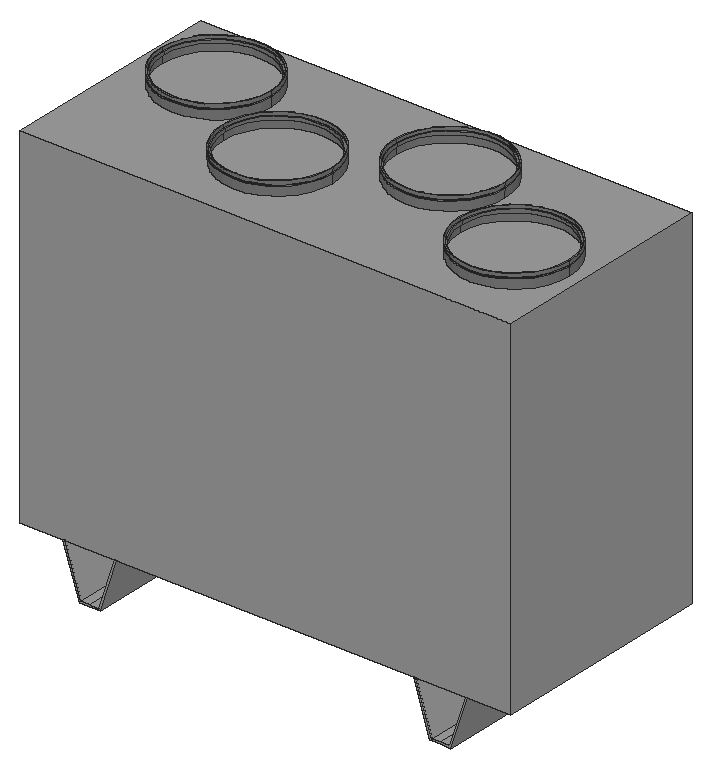
Revit family "BIMLIB_ПриточноВытяжнаяУстановка_UniMAX-P_VE-VW_SHUFT", category Оборудование, Revit 2017
Family settings
  Размер круглого соединителя = Использовать диаметр
  Тип детали = Нормальный
  На основе рабочей плоскости = Нет
  Всегда вертикально = Да
  При загрузке вырезать с полостями = Нет
  Общий = Нет
  Точка расчета площади = Нет
Parameters (values of type "UniMAX-P 1000VE/VW-A с вентилятором модификации AC")
  Повернуть УГО [instance] = yes
  Описание = "Установки серии UniMAX-P VE предназначены для очистки, подогрева и подачи свежего воздуха в жилые, общественные и производственные помещения небольших объемов: офисы, магазины, квартиры и т.д. В процессе работы установки удаляют из помещения загрязненный воздух, очищая его и извлекая из него тепло, и передают это тепло поступающему воздуху. Тем самым установки позволяют экономить энергоресурсы и эффективно вентилировать помещения при существовании ограничения на энергоресурсы. Установки можно легко монтировать непосредственно в обслуживаемом помещении"  # constant formula
  Ножки = if(H1 > 0 mm, 1 = 1, 1 = 0)  # yes
  Изготовитель = "ООО «Завод ВКО» марка SHUFT"  # constant formula
  Watermark [instance] = "Модели защищены уникальным кодом"
  W3 = 50 mm
  W2 = 187 mm
  W1 = 208 mm
  L4 = 325 mm
  L3 = 342 mm
  L2 = 333 mm
  L1 = 190 mm
  H2 = 40 mm  # constant formula
  H1 = 145 mm
  URL = "http://www.shuft.ru/"
  D = 315 mm
  BL_Разработано = "support@bimlib.pro"  # constant formula
  BL_Email = "bimmodels@rusklimat.ru"  # constant formula
  BL_BIM library = "https://bimlib.pro/manufacturer/company/23829"
  ADSK_Ток = 9.35 A
  ADSK_Тип воздушного фильтра = "Приточный/вытяжной EU5/EU5"
  ADSK_Расход воздуха приточный [instance] = 0.0 L/s
  ADSK_Расход воздуха вытяжной [instance] = 0.0 L/s
  ADSK_Размер_Ширина = 645 mm
  ADSK_Размер_Длина = 1400 mm
  ADSK_Размер_Высота = 1185 mm
  ADSK_Примечание [instance] = ""
  ADSK_Полная мощность = ADSK_Номинальная мощность / ADSK_Коэффициент мощности  # 6480 VA
  ADSK_Позиция = ""
  ADSK_Обозначение = ""
  ADSK_Номинальная мощность = 6480 W
  ADSK_Напряжение = 400 V
  ADSK_Наименование = "Приточно-вытяжная вентиляционная установка UniMAX-P 1000VE/VW-A с вентилятором модификации AC"
  ADSK_Материал = BIMLIB_Сталь_SHUFT
  ADSK_Масса_Текст = "178"
  ADSK_Масса = 178
  ADSK_Марка = ADSK_Код изделия  # "UniMAX-P 1000VE/VW-A AC"
  ADSK_Коэффициент мощности = 1
  ADSK_Количество фаз = 3
  ADSK_Код изделия = "UniMAX-P 1000VE/VW-A AC"
  ADSK_Классификация нагрузок = Прочее
  ADSK_Завод-изготовитель = Изготовитель  # "ООО «Завод ВКО» марка SHUFT"
  ADSK_Единица измерения = "шт."  # constant formula
  ADSK_Версия семейства = "v.1"  # constant formula
  ADSK_Версия Revit = "2017"  # constant formula
  ADSK_URL страницы изделия = "http://www.shuft.ru/catalog/2/206/3035/4048/"
  ADSK_URL документации изделия = "http://www.shuft.ru/upload/downloads/passport-UniMAX-P-VE.pdf"
Types (10, lengths in mm): name | Ножки | W3 | W2 | W1 | L4 | L3 | L2 | L1 | H1 | D | ADSK_Ток | ADSK_Тип воздушного фильтра | ADSK_Размер_Ширина | ADSK_Размер_Длина | ADSK_Размер_Высота | ADSK_Полная мощность | ADSK_Номинальная мощность | ADSK_Напряжение | ADSK_Наименование | ADSK_Масса_Текст | ADSK_Масса | ADSK_Марка | ADSK_Количество фаз | ADSK_Код изделия
  (no name) | yes | 50 | 187 | 208 | 325 | 342 | 333 | 190 | 145 | 315 | 9.35 A | "Приточный/вытяжной EU5/EU5" | 645 | 1400 | 1185 | 6480 VA | 6480 W | 400 V | "Приточно-вытяжная вентиляционная установка UniMAX-P 1000VE/VW-A с вентилятором модификации AC" | "178" | 178 | "UniMAX-P 1000VE/VW-A AC" | 3 | "UniMAX-P 1000VE/VW-A AC"
  UniMAX-P 2200VE/VW-A с вентилятором модификации EC | yes | 50 | 248 | 250 | 395 | 410 | 395 | 225 | 145 | 400 | 5.65 A | "Приточный/вытяжной EU5/EU5" | 790 | 1650 | 1285 | 1300 VA | 1300 W | 230 V | "Приточно-вытяжная вентиляционная установка UniMAX-P 2200VE/VW-A с вентилятором модификации EC" | "179" | 179 | "UniMAX-P 2200VE/VW-A EC" | 1 | "UniMAX-P 2200VE/VW-A EC"
  UniMAX-P 2000VE/VW-A с вентилятором модификации AC | yes | 50 | 248 | 250 | 395 | 410 | 395 | 225 | 145 | 400 | 23.5 A | "Приточный/вытяжной EU5/EU5" | 790 | 1650 | 1285 | 16300 VA | 16300 W | 400 V | "Приточно-вытяжная вентиляционная установка UniMAX-P 2000VE/VW-A с вентилятором модификации AC" | "179" | 179 | "UniMAX-P 2000VE/VW-A AC" | 3 | "UniMAX-P 2000VE/VW-A AC"
  UniMAX-P 1500VE/VW-A с вентилятором модификации AC | yes | 50 | 187 | 208 | 325 | 342 | 333 | 190 | 145 | 315 | 14.1 A | "Приточный/вытяжной EU5/EU5" | 645 | 1400 | 1185 | 9750 VA | 9750 W | 400 V | "Приточно-вытяжная вентиляционная установка UniMAX-P 1500VE/VW-A с вентилятором модификации AC" | "178" | 178 | "UniMAX-P 1500VE/VW-A AC" | 3 | "UniMAX-P 1500VE/VW-A AC"
  UniMAX-P 1400VE/VW-A с вентилятором модификации EC | yes | 50 | 187 | 208 | 325 | 342 | 333 | 190 | 145 | 315 | 3.27 A | "Приточный/вытяжной EU5/EU5" | 645 | 1400 | 1185 | 752 VA | 752 W | 230 V | "Приточно-вытяжная вентиляционная установка UniMAX-P 1400VE/VW-A с вентилятором модификации EC" | "178" | 178 | "UniMAX-P 1400VE/VW-A EC" | 1 | "UniMAX-P 1400VE/VW-A EC"
  UniMAX-P 1000VE/VW-A с вентилятором модификации AC | yes | 50 | 187 | 208 | 325 | 342 | 333 | 190 | 145 | 315 | 9.35 A | "Приточный/вытяжной EU5/EU5" | 645 | 1400 | 1185 | 6480 VA | 6480 W | 400 V | "Приточно-вытяжная вентиляционная установка UniMAX-P 1000VE/VW-A с вентилятором модификации AC" | "178" | 178 | "UniMAX-P 1000VE/VW-A AC" | 3 | "UniMAX-P 1000VE/VW-A AC"
  UniMAX-P 850VE/VW-A с вентилятором модификации EC | no | 30 | 120 | 160 | 218 | 240 | 230 | 130 | 0 | 200 | 6.96 A | "Приточный/вытяжной EU5/EU3" | 465 | 950 | 900 | 1600 VA | 1600 W | 230 V | "Приточно-вытяжная вентиляционная установка UniMAX-P 850VE/VW-A с вентилятором модификации EC" | "180" | 180 | "UniMAX-P 850VE/VW-A EC" | 1 | "UniMAX-P 850VE/VW-A EC"
  UniMAX-P 800VE/VW-A с вентилятором модификации AC | no | 30 | 120 | 160 | 218 | 240 | 230 | 130 | 0 | 200 | 20.5 A | "Приточный/вытяжной EU5/EU4" | 465 | 950 | 900 | 4710 VA | 4710 W | 230 V | "Приточно-вытяжная вентиляционная установка UniMAX-P 800VE/VW-A  с вентилятором модификации AC" | "180" | 180 | "UniMAX-P 800VE/VW-A AC" | 1 | "UniMAX-P 800VE/VW-A AC"
  UniMAX-P 450VE/VW-A с вентилятором модификации AC | no | 30 | 80 | 120 | 205 | 230 | 205 | 130 | 0 | 160 | 14.91 A | "Приточный/вытяжной EU5/EU4" | 355 | 900 | 855 | 3400 VA | 3400 W | 230 V | "Приточно-вытяжная вентиляционная установка UniMAX-P 450VE/VW-A  с вентилятором модификации AC" | "104" | 104 | "UniMAX-P 450VE/VW-A AC" | 1 | "UniMAX-P 450VE/VW-A AC"
  UniMAX-P 450VE/VW-A с вентилятором модификации EC | no | 30 | 80 | 120 | 205 | 230 | 205 | 130 | 0 | 160 | 6.09 A | "Приточный/вытяжной EU5/EU3" | 355 | 900 | 855 | 1400 VA | 1400 W | 230 V | "Приточно-вытяжная вентиляционная установка UniMAX-P 450VE/VW-A  с вентилятором модификации EC" | "104" | 104 | "UniMAX-P 450VE/VW-A EC" | 1 | "UniMAX-P 450VE/VW-A EC"
Reference planes
  plane 1 "По центру (Вперед/Назад)": y = 0
  plane 2: z = 0
  plane 3 "По центру (Влево/Вправо)": x = 0
  plane 4 "Перед": y = -322.5
  plane 5 "Зад": y = 322.5
  plane 6: z = 1185
  plane 7 "Лево корпус": x = -700
  plane 8 "Право корпус": x = 700
  plane 9: z = 145
  plane 10 "Коннекторы": z = 1145
  plane 11 "ДВЕРЬ": y = -272.5
  plane 12: y = 114.5
  plane 13: y = -72.5
  plane 14: x = 510
  plane 15: x = 177
  plane 16: x = -165
  plane 17: x = -490
  plane 18: x = -500
  plane 19: x = 500
Forms (mm)
  Extrusion 1, solid, material "BIMLIB_Сталь_SHUFT" <- "ADSK_Материал", detail levels medium+fine
    sketch origin (0, 0, 145) x (-1, 0, 0) y (0, -1, 0)
      loop
        line (-700, -322.5) -> (700, -322.5) -> (700, 322.5) -> (-700, 322.5) -> (-700, -322.5)
    from 0 to 1000
Lines and regions (mm)
  model lines, detail levels fine
    curve 1: line (-700, -272.5, 1145) -> (-700, -272.5, 145)
    curve 2: line (-700, -272.5, 145) -> (700, -272.5, 145)
    curve 3: line (700, -272.5, 145) -> (700, -272.5, 1145)
    curve 4: line (700, -272.5, 1145) -> (-700, -272.5, 1145)
    curve 5: line (0, -272.5, 1145) -> (0, -322.5, 1145)
    curve 6: line (0, -322.5, 1145) -> (0, -322.5, 145)
    curve 7: line (0, -322.5, 145) -> (0, -272.5, 145)
Dimensions and locks
  equal spacing: plane 4 "Перед", plane 1 "По центру (Вперед/Назад)", plane 5 "Зад"
  "ADSK_Размер_Высота": plane 6 to level
  "ADSK_Размер_Ширина": plane 4 "Перед" to plane 5 "Зад"
  "H1": plane 9 to level
  "ADSK_Размер_Длина": plane 7 "Лево корпус" to plane 8 "Право корпус"
  equal spacing: plane 7 "Лево корпус", plane 3 "По центру (Влево/Вправо)", plane 8 "Право корпус"
  "H2": plane 6 to plane 10 "Коннекторы"
  "W3": plane 11 "ДВЕРЬ" to plane 4 "Перед"
  "W1": plane 12 to plane 5 "Зад"
  "W2": plane 13 to plane 12
  "L1": plane 14 to plane 8 "Право корпус"
  "L2": plane 15 to plane 14
  "L3": plane 16 to plane 15
  "L4": plane 17 to plane 16
  locked: plane 18 to plane 7 "Лево корпус" at 200
  locked: plane 19 to plane 8 "Право корпус" at 200
  aligned and locked: level to plane 2
  aligned and locked: plane 1 "По центру (Вперед/Назад)" to nested 1
  aligned and locked: plane 3 "По центру (Влево/Вправо)" to nested 1
  aligned and locked: Extrusion 1 sketch curve to plane 5 "Зад"
  aligned and locked: plane 8 "Право корпус" to Extrusion 1 sketch curve
  aligned and locked: Extrusion 1 sketch curve to plane 7 "Лево корпус"
  aligned and locked: Extrusion 1 sketch curve to plane 4 "Перед"
  aligned and locked: plane 1 "По центру (Вперед/Назад)" to nested 3
  aligned and locked: plane 1 "По центру (Вперед/Назад)" to nested 2
  aligned and locked: nested 4 to plane 10 "Коннекторы"
  aligned and locked: nested 5 to plane 10 "Коннекторы"
  aligned and locked: nested 6 to plane 10 "Коннекторы"
  aligned and locked: nested 7 to plane 10 "Коннекторы"
  aligned and locked: plane 10 "Коннекторы" to Extrusion 1
  aligned and locked: plane 12 to nested 4  (x2)
  aligned and locked: plane 12 to nested 6
  aligned and locked: plane 13 to nested 7
  aligned and locked: plane 13 to nested 5
  aligned and locked: nested 7 to plane 14
  aligned and locked: nested 6 to plane 15
  aligned and locked: nested 5 to plane 16
  aligned and locked: nested 4 to plane 17
  aligned and locked: nested 3 to plane 19
  aligned and locked: plane 18 to nested 2
Automatic sketch dimensions
  plane 8 "Право корпус" to curve 4 = 0 mm
  curve 4 to plane 7 "Лево корпус" = 0 mm
  curve 1 to plane 9 = 0 mm
  curve 1 to plane 10 "Коннекторы" = 0 mm
  curve 5 to plane 4 "Перед" = 0 mm
  curve 7 to plane 11 "ДВЕРЬ" = 0 mm
  curve 5 to plane 10 "Коннекторы" = 0 mm
  curve 5 to plane 11 "ДВЕРЬ" = 0 mm
  curve 6 to plane 9 = 0 mm
Nested families
  nested 1: "BIMLIB_УГО_SHUFT" at (0, 0, 0), Высота УГО 3д План <- "ADSK_Размер_Высота", Высота <- "ADSK_Размер_Высота", Ширина <- "ADSK_Размер_Ширина", УГО сверху <- "Повернуть УГО", Длина <- "ADSK_Размер_Длина", type "BIMLIB_УГО_SHUFT", detail levels coarse
    with Ширина/4 161.25 mm, Ширина 645 mm, УГО спереди no, УГО сверху yes, Длина 1400 mm, Высота/4 296.25 mm, Высота УГО 3д План 1185 mm, Высота 1185 mm
  nested 2: "BIMLIB_Ножки_SHUFT" at (-500, 0, 0), Материал <- "ADSK_Материал", visible <- "Ножки", Ширина <- "ADSK_Размер_Ширина", type "BIMLIB_Ножки_SHUFT"
    with Ширина 645 mm, Материал BIMLIB_Сталь_SHUFT
  nested 3: "BIMLIB_Ножки_SHUFT" at (500, 0, 0), Материал <- "ADSK_Материал", visible <- "Ножки", Ширина <- "ADSK_Размер_Ширина", type "BIMLIB_Ножки_SHUFT"
    with Ширина 645 mm, Материал BIMLIB_Сталь_SHUFT
  nested 4: "BIMLIB_Подключение_Круглое_SHUFT" at (-490, 114.5, 1145) x (0, 0, 1) z (0, -1, 0), D <- "D", L <- "H2", type "BIMLIB_Подключение_Круглое_SHUFT", detail levels medium+fine
    with Материал BIMLIB_Сталь_Патрубки_SHUFT, L 40 mm, D 315 mm
  nested 5: "BIMLIB_Подключение_Круглое_SHUFT" at (-165, -72.5, 1145) x (0, 0, 1) z (0, -1, 0), D <- "D", L <- "H2", type "BIMLIB_Подключение_Круглое_SHUFT", detail levels medium+fine
    with Материал BIMLIB_Сталь_Патрубки_SHUFT, L 40 mm, D 315 mm
  nested 6: "BIMLIB_Подключение_Круглое_SHUFT" at (177, 114.5, 1145) x (0, 0, 1) z (0, -1, 0), D <- "D", L <- "H2", type "BIMLIB_Подключение_Круглое_SHUFT", detail levels medium+fine
    with Материал BIMLIB_Сталь_Патрубки_SHUFT, L 40 mm, D 315 mm
  nested 7: "BIMLIB_Подключение_Круглое_SHUFT" at (510, -72.5, 1145) x (0, 0, 1) z (0, -1, 0), D <- "D", L <- "H2", type "BIMLIB_Подключение_Круглое_SHUFT", detail levels medium+fine
    with Материал BIMLIB_Сталь_Патрубки_SHUFT, L 40 mm, D 315 mm
Connectors
  hvac at (-490, 114.5, 1185), driven by "D", driven by "ADSK_Расход воздуха приточный"
    settings: on nested 4, index 18, duct flow 0.0 L/s, flow factor 0, pres drop 0.0 Pa, loss coef 0, conn angle 0.00°, conn width 304.8 mm, conn height 304.8 mm, conn diameter 315 mm, duct sys type 1, conn prof type 0, flow config 0, flow direction 2, loss method 0, conn ref index 20, conn util no, is conn primary yes, conn desc "Приточный воздух"
  hvac at (-165, -72.5, 1185), driven by "D", driven by "ADSK_Расход воздуха вытяжной"
    settings: on nested 5, index 19, duct flow 0.0 L/s, flow factor 0, pres drop 0.0 Pa, loss coef 0, conn angle 0.00°, conn width 304.8 mm, conn height 304.8 mm, conn diameter 315 mm, duct sys type 3, conn prof type 0, flow config 0, flow direction 1, loss method 0, conn ref index 21, conn util no, is conn primary no, conn desc "Вытяжной воздух"
  hvac at (177, 114.5, 1185), driven by "D", driven by "ADSK_Расход воздуха приточный"
    settings: on nested 6, index 20, duct flow 0.0 L/s, flow factor 0, pres drop 0.0 Pa, loss coef 0, conn angle 0.00°, conn width 304.8 mm, conn height 304.8 mm, conn diameter 315 mm, duct sys type 1, conn prof type 0, flow config 0, flow direction 1, loss method 0, conn ref index 18, conn util no, is conn primary no, conn desc "Наружный воздух"
  hvac at (510, -72.5, 1185), driven by "D", driven by "ADSK_Расход воздуха вытяжной"
    settings: on nested 7, index 21, duct flow 0.0 L/s, flow factor 0, pres drop 0.0 Pa, loss coef 0, conn angle 0.00°, conn width 304.8 mm, conn height 304.8 mm, conn diameter 315 mm, duct sys type 3, conn prof type 0, flow config 0, flow direction 2, loss method 0, conn ref index 19, conn util no, is conn primary no, conn desc "Выбрасываемый воздух"
  electrical at (0, -322.5, 645), driven by "ADSK_Количество фаз", driven by "ADSK_Классификация нагрузок", driven by "ADSK_Напряжение", driven by "ADSK_Полная мощность", driven by "ADSK_Коэффициент мощности"
    settings: on Extrusion 1, index 22, voltage 400 V, apparent load 6480 VA, apparent load phase1 0 VA, apparent load phase2 0 VA, apparent load phase3 0 VA, power factor 1, load classification "Прочее", number of poles 3, system type 30, power factor state 1, is connector primary yes, connector utility no, sub classification motor no, connector description "Электрический соединитель"
Definition of nested family "BIMLIB_Ножки_SHUFT"
  Parameters (values of type "BIMLIB_Ножки_SHUFT")
    Default Elevation = 1219.2 mm
    Материал [instance] = none
    Ширина [instance] = 300 mm
  Reference planes
    plane 1 "По центру (Вперед/Назад)": y = 0
    plane 2: z = 0
    plane 3 "По центру (Влево/Вправо)": x = 0
    plane 4: y = 150
    plane 5: y = -150
    plane 6: z = 145
  Forms (mm)
    Extrusion 1, solid, material <- "Материал", detail levels medium+fine
      sketch origin (0, 0, 0) x (1, 0, 0) y (0, 0, 1)
        loop
          line (0, 0) -> (30, 0) -> (77.113, 145) -> (71.856, 145) -> (26.367, 5) -> (0, 5) -> (-26.367, 5) -> (-71.856, 145) -> (-77.113, 145) -> (-30, 0) -> (0, 0)
      from -150 to 150
  Dimensions and locks
    equal spacing: plane 4, plane 1 "По центру (Вперед/Назад)", plane 5
    "Ширина": plane 4 to plane 5
    aligned and locked: level to plane 2
    aligned and locked: plane 5 to Extrusion 1
    aligned and locked: plane 4 to Extrusion 1
  Automatic sketch dimensions
    Extrusion 1 sketch curve to plane 6 = 0 mm  (x2)
    Extrusion 1 sketch curve to level = 0 mm
    Extrusion 1 sketch curve to plane 3 "По центру (Влево/Вправо)" = 0 mm  (x2)
    level to Extrusion 1 sketch curve = 5 mm
    Extrusion 1 sketch curve to plane 3 "По центру (Влево/Вправо)" = 26.367 mm
    Extrusion 1 sketch curve to Extrusion 1 sketch curve = 3.633 mm  (x2)
    Extrusion 1 sketch curve to plane 3 "По центру (Влево/Вправо)" = 71.856 mm
    Extrusion 1 sketch curve to Extrusion 1 sketch curve = 5.257 mm  (x2)
    plane 3 "По центру (Влево/Вправо)" to Extrusion 1 sketch curve = 26.367 mm
    plane 3 "По центру (Влево/Вправо)" to Extrusion 1 sketch curve = 77.113 mm
Definition of nested family "BIMLIB_Подключение_Круглое_SHUFT"
  Parameters (values of type "BIMLIB_Подключение_Круглое_SHUFT")
    Default Elevation = 1219.2 mm
    Материал [instance] = none
    L [instance] = 30 mm
    D [instance] = 300 mm
  Reference planes
    plane 1 "По центру (Вперед/Назад)": y = 0
    plane 2: z = 0
    plane 3 "По центру (Влево/Вправо)": x = 0
    plane 4: y = 150
    plane 5: y = -150
    plane 6: x = 30
  Forms (mm)
    Revolve 1, solid, material <- "Материал", detail levels medium+fine
      sketch origin (0, 0, 0) x (1, 0, 0) y (0, 1, 0)
        loop
          line (30, 148) -> (30, 150) -> (20, 150) -> (20, 145) -> (15, 145) -> (15, 150) -> (0, 150) -> (0, 148) -> (13, 148) -> (13, 143) -> (22, 143) -> (22, 148) -> (30, 148)
        axis (30, 0) -> (0, 0)
      angle from 0 to 360
  Dimensions and locks
    equal spacing: plane 4, plane 1 "По центру (Вперед/Назад)", plane 5
    "D": plane 4 to plane 5
    "L": plane 3 "По центру (Влево/Вправо)" to plane 6
    aligned and locked: level to plane 2
    aligned and locked: Revolve 1 sketch curve to plane 1 "По центру (Вперед/Назад)"
    aligned and locked: plane 6 to Revolve 1 sketch curve
    aligned and locked: plane 4 to Revolve 1 sketch curve  (x2)
    aligned and locked: Revolve 1 sketch curve to plane 3 "По центру (Влево/Вправо)"
  Automatic sketch dimensions
    Revolve 1 sketch curve to Revolve 1 sketch curve = 2 mm  (x5)
    Revolve 1 sketch curve to Revolve 1 sketch curve = 5 mm
    Revolve 1 sketch curve to Revolve 1 sketch curve = 8 mm
    Revolve 1 sketch curve to Revolve 1 sketch curve = 3 mm
    Revolve 1 sketch curve to plane 3 "По центру (Влево/Вправо)" = 2000 mm
    plane 6 to Revolve 1 sketch curve = 1535.044 mm
Definition of nested family "BIMLIB_УГО_SHUFT"
  Parameters (values of type "BIMLIB_УГО_SHUFT")
    Ширина/4 [instance] = Ширина / 4  # 105 mm
    Ширина [instance] = 420 mm
    УГО спереди [instance] = not(УГО сверху)  # no
    УГО сверху [instance] = yes
    Высота/4 [instance] = Высота / 4  # 63 mm
    Длина [instance] = 810 mm
    Высота УГО 3д План [instance] = 126 mm
    Высота [instance] = 252 mm
  Reference planes
    plane 1 "По центру (Вперед/Назад)": y = 0
    plane 2: z = 0
    plane 3 "По центру (Влево/Вправо)": x = 0
    plane 4: x = -405
    plane 5: x = 405
    plane 6: y = 210
    plane 7: y = -210
    plane 8: z = 126
    plane 9 "УГО 3Д": z = 252
    plane 10: x = -270
    plane 11: x = -135
    plane 12: z = 189
    plane 13: z = 63
    plane 14: x = 63
    plane 15: x = 105
    plane 16: y = 105
    plane 17: y = -105
    plane 18 "УГО": z = 126
  Lines and regions (mm)
    model lines, visible <- "УГО спереди", detail levels coarse
      curve 1: line (-405, 0, 252) -> (-405, 0, 0)
      curve 2: line (-405, 0, 0) -> (405, 0, 0)
      curve 3: line (405, 0, 0) -> (405, 0, 252)
      curve 4: line (405, 0, 252) -> (-405, 0, 252)
      curve 5: line (-270, 0, 252) -> (-270, 0, 0)
      curve 6: line (-135, 0, 252) -> (-135, 0, 0)
      curve 7: line (0, 0, 189) -> (0, 0, 63)
      curve 8: line (0, 0, 63) -> (63, 0, 126)
      curve 9: line (63, 0, 126) -> (0, 0, 189)
    model lines, visible <- "УГО сверху", detail levels coarse
      curve 10: line (-405, 210, 126) -> (-405, -210, 126)
      curve 11: line (-405, -210, 126) -> (405, -210, 126)
      curve 12: line (405, -210, 126) -> (405, 210, 126)
      curve 13: line (405, 210, 126) -> (-405, 210, 126)
      curve 14: line (-270, 210, 126) -> (-270, -210, 126)
      curve 15: line (-135, 210, 126) -> (-135, -210, 126)
      curve 16: line (0, 105, 126) -> (105, 0, 126)
      curve 17: line (105, 0, 126) -> (0, -105, 126)
      curve 18: line (0, -105, 126) -> (0, 105, 126)
    symbolic lines, detail levels coarse
      curve 19: line (-405, 0, 252) -> (-405, 0, 0)
      curve 20: line (-405, 0, 0) -> (405, 0, 0)
      curve 21: line (405, 0, 0) -> (405, 0, 252)
      curve 22: line (405, 0, 252) -> (-405, 0, 252)
      curve 23: line (-270, 0, 252) -> (-270, 0, 0)
      curve 24: line (-135, 0, 0) -> (-135, 0, 252)
      curve 25: line (0, 0, 189) -> (63, 0, 126)
      curve 26: line (63, 0, 126) -> (0, 0, 63)
      curve 27: line (0, 0, 63) -> (0, 0, 189)
      curve 28: line (-405, 210, 0) -> (-405, -210, 0)
      curve 29: line (-405, -210, 0) -> (405, -210, 0)
      curve 30: line (405, -210, 0) -> (405, 210, 0)
      curve 31: line (405, 210, 0) -> (-405, 210, 0)
      curve 32: line (-270, 210, 0) -> (-270, -210, 0)
      curve 33: line (-135, -210, 0) -> (-135, 210, 0)
      curve 34: line (0, 105, 0) -> (105, 0, 0)
      curve 35: line (105, 0, 0) -> (0, -105, 0)
      curve 36: line (0, -105, 0) -> (0, 105, 0)
  Dimensions and locks
    equal spacing: plane 4, plane 3 "По центру (Влево/Вправо)", plane 5
    "Длина": plane 4 to plane 5
    "Ширина": plane 7 to plane 6
    equal spacing: plane 4, plane 10, plane 11, plane 3 "По центру (Влево/Вправо)"
    "Высота": plane 9 "УГО 3Д" to level
    equal spacing: plane 9 "УГО 3Д", plane 12, plane 8, plane 13, level
    "Высота/4": plane 14 to plane 3 "По центру (Влево/Вправо)"
    equal spacing: plane 6, plane 16, plane 1 "По центру (Вперед/Назад)", plane 17, plane 7
    "Ширина/4": plane 15 to plane 3 "По центру (Влево/Вправо)"
    "Ширина/4": plane 3 "По центру (Влево/Вправо)" to plane 15
    "Высота УГО 3д План": plane 18 "УГО" to level
    aligned and locked: level to plane 2
  Automatic sketch dimensions
    curve 12 to plane 5 = 0 mm
    plane 1 "По центру (Вперед/Назад)" to curve 16 = 0 mm
    curve 16 to plane 15 = 0 mm
    curve 18 to plane 3 "По центру (Влево/Вправо)" = 0 mm
    curve 15 to plane 11 = 0 mm
    curve 14 to plane 10 = 0 mm
    curve 11 to plane 4 = 0 mm
    curve 13 to plane 6 = 0 mm
    curve 18 to plane 16 = 0 mm
    plane 7 to curve 12 = 0 mm
    curve 1 to plane 4 = 0 mm
    curve 5 to plane 9 "УГО 3Д" = 0 mm
    curve 5 to plane 10 = 0 mm
    curve 23 to level = 0 mm
    curve 23 to plane 10 = 0 mm
    curve 6 to plane 11 = 0 mm
    curve 24 to plane 11 = 0 mm
    curve 9 to plane 3 "По центру (Влево/Вправо)" = 0 mm
    curve 8 to plane 8 = 0 mm
    curve 8 to plane 14 = 0 mm
    curve 20 to plane 5 = 0 mm
    curve 27 to plane 12 = 0 mm
    curve 28 to plane 4 = 0 mm
    curve 32 to plane 6 = 0 mm
    curve 32 to plane 10 = 0 mm
    plane 7 to curve 33 = 0 mm
    curve 33 to plane 11 = 0 mm
    curve 34 to plane 3 "По центру (Влево/Вправо)" = 0 mm
    plane 1 "По центру (Вперед/Назад)" to curve 34 = 0 mm
    curve 30 to plane 5 = 0 mm
    curve 36 to plane 17 = 0 mm
    curve 36 to plane 16 = 0 mm
